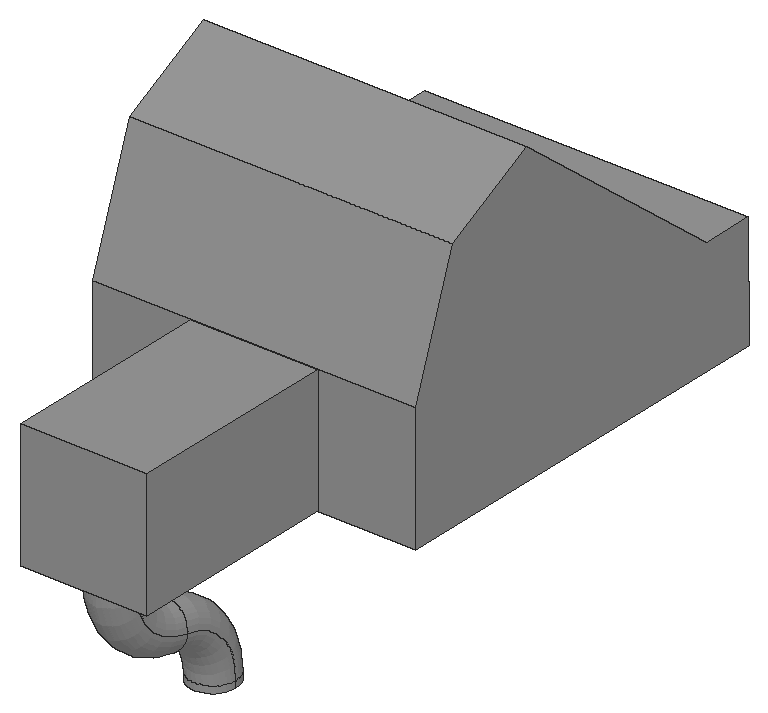
Revit family "Urinal-Willoughby-1814-UW-WO-TS", category Plumbing Fixtures, Revit 2015
Parameters (values of type "Standard")
  Waste DIA = 2"
  Waste Connection = yes
  Vent Connection = no
  URL = "www.willoughby-ind.com"
  Type Comments = ""
  Revision = "A"
  Model = "UW-1814-WO-TS"
  Manufacturer = "Willoughby Industries"
  HW Connection = no
  Flush Inlet DIA = 3/4"
  Flush Inlet Connection = yes
  Fixture Body = Stainless Steel AISI 304-Willoughby
  Description = "Washout Trough Urinal, Top Spud"
  Default Elevation = 1' - 2"
  Contact Info. = "(800) 428-4065"
  CW Connection = no
Reference planes (in)
  plane 1 "Center (Front/Back)": y = 0
  plane 2: z = 0
  plane 3 "Center (Left/Right)": x = 0
Forms (in)
  Extrusion 1, solid, material "Stainless Steel AISI 304-Willoughby" <- "Fixture Body"
    sketch origin (0, 0, 0) x (1, 0, 0) y (0, 0, 1)
      loop
        line (-7, 5) -> (-7, 0) -> (7, 0) -> (7, 5) -> (-7, 5)
    from -18 to 0
  Extrusion 2, solid, material "Stainless Steel AISI 304-Willoughby" <- "Fixture Body"
    sketch origin (0, 0, -0.06446) x (0, 1, 0) y (0, 0, 1)
      loop
        line (0, 5.06446) -> (15.75, 5.06446) -> (6, 13.06446) -> (2, 11.06446) -> (0, 5.56446) -> (0, 5.06446)
    from -7 to 7
  Extrusion 3, void, detail levels fine
    sketch origin (0, 0, 0) x (1, 0, 0) y (0, 0, 1)
      loop
        line (6.375, 12.375) -> (-6.375, 12.375) -> (-6.375, 2) -> (6.375, 2) -> (6.375, 12.375)
    from -5.08704 to -15.71619
  Extrusion 4, solid, material "Stainless Steel AISI 304-Willoughby" <- "Fixture Body"
    sketch origin (0, 0, 0) x (0, 1, 0) y (0, 0, 1)
      loop
        line (0, 5.5) -> (-9.25, 5.5) -> (-9.25, 0) -> (0, 0) -> (0, 5.5)
    from -2.75 to 2.75
  Sweep 5, solid, material "Stainless Steel AISI 304-Willoughby" <- "Fixture Body"
    path origin (0, 0, 0) x (0, 1, 0) y (0, 0, 1)
      loop
        arc (-7.74999, -0.0062) -> (-6.93002, -2.15812) -> (-4.89, -3.22652) r 3.25
        arc (-4.89, -3.22652) -> (-3.00501, -4.21486) -> (-2.25, -6.20484) r 3
        line (-2.25, -6.20484) -> (-2.25, -6.5)
    profile origin (0, -2.25, -6.35242) x (1, 0, 0) y (0, 1, 0)
      loop
        circle (0, 0) r 1
  Extrusion 6, solid, material "Stainless Steel AISI 304-Willoughby" <- "Fixture Body"
    sketch origin (0, 18.44537, -10.5) x (1, 0, 0) y (0, 0, 1)
      loop
        circle (0, 12.75) r 0.375
    from -0.25 to 0.44537
Cuts and joins
  Extrusion 3 cuts Extrusion 1
  Extrusion 3 cuts Extrusion 2
  joined: Extrusion 1, Extrusion 2
Lines and regions (in)
  symbolic lines
    curve 1: line (7, 0, 0) -> (-7, 0, 0)
    curve 2: line (-7, 0, 0) -> (-7, 18, 0)
    curve 3: line (-7, 18, 0) -> (7, 18, 0)
    curve 4: line (7, 18, 0) -> (7, 0, 0)
    curve 7: line (-7, 15.75, 0) -> (7, 15.75, 0)
    curve 11: line (2.75, 0, 0) -> (2.75, -9.25, 0)
    curve 12: line (2.75, -9.25, 0) -> (-2.75, -9.25, 0)
    curve 13: line (-2.75, -9.25, 0) -> (-2.75, 0, 0)
    curve 14: line (-7, 0, 0) -> (7, 0, 0)
    curve 15: line (7, 0, 0) -> (7, 0, 13)
    curve 16: line (7, 0, 13) -> (-7, 0, 13)
    curve 17: line (-7, 0, 13) -> (-7, 0, 0)
    curve 22: line (0, -9.25, 0) -> (0, 18, 0)
    curve 23: line (0, 18, 0) -> (0, 18, 5)
    curve 24: line (0, 18, 5) -> (0, 15.75, 5)
    curve 25: line (0, 15.75, 5) -> (0, 6, 13)
    curve 26: line (0, 6, 13) -> (0, 2, 11)
    curve 27: line (0, 2, 11) -> (0, 0, 5.5)
    curve 28: line (0, 0, 5.5) -> (0, -9.25, 5.5)
    curve 29: line (0, -9.25, 5.5) -> (0, -9.25, 0)
    curve 30: line (0, 0, 5.5) -> (0, 0, 0)
  symbolic lines, detail levels medium+fine
    curve 5: line (-7, 2, 0) -> (7, 2, 0)
    curve 6: line (-7, 6, 0) -> (7, 6, 0)
    curve 18: line (7, 0, 5) -> (-7, 0, 5)
  symbolic lines, detail levels fine
    curve 8: line (-6.375, 15.75, 0) -> (-6.375, 6.76172, 0)
    curve 9: line (-6.375, 6.76172, 0) -> (6.375, 6.76172, 0)
    curve 10: line (6.375, 6.76172, 0) -> (6.375, 15.75, 0)
    curve 19: line (-6.375, 0, 5) -> (-6.375, 0, 12.375)
    curve 20: line (-6.375, 0, 12.375) -> (6.375, 0, 12.375)
    curve 21: line (6.375, 0, 12.375) -> (6.375, 0, 5)
Dimensions and locks (in)
  aligned and locked: cut or joined group of Extrusion 1, Extrusion 2, Extrusion 3 to cut or joined group of Extrusion 1, Extrusion 2, Extrusion 3
Connectors (in)
  piping at (0, -2.25, -6.5), diameter 2, driven by "Waste Connection", driven by "Waste DIA"
    settings: on Sweep 5, index 1, connector inside diameter 2", connector length 0' - 0", flow factor 0, pipe flow 0 GPM, pressure drop 0.00 psi, fitting loss kfactor 0, connector angle 0.00°, fixture units 0, engagement length 0' - 0", angle of deflection 0.00°, flow configuration 0, flow direction 2, fitting loss method 0, system type 16, joint type 0, gender type 0, connector reference index -1, connector utility 1, adjustable connector yes, is connector primary yes, connector description "Urinal Waste"
  piping at (0, 18.69537, 2.25), diameter 0.75, driven by "Flush Inlet Connection", driven by "Flush Inlet DIA"
    settings: on Extrusion 6, index 2, connector inside diameter 3/4", connector length 0' - 0", flow factor 0, pipe flow 0 GPM, pressure drop 0.00 psi, fitting loss kfactor 0, connector angle 0.00°, fixture units 0, engagement length 0' - 0", angle of deflection 0.00°, flow configuration 0, flow direction 1, fitting loss method 0, system type 20, joint type 0, gender type 0, connector reference index -1, connector utility 1, adjustable connector no, is connector primary no, connector description "Flush Inlet"
